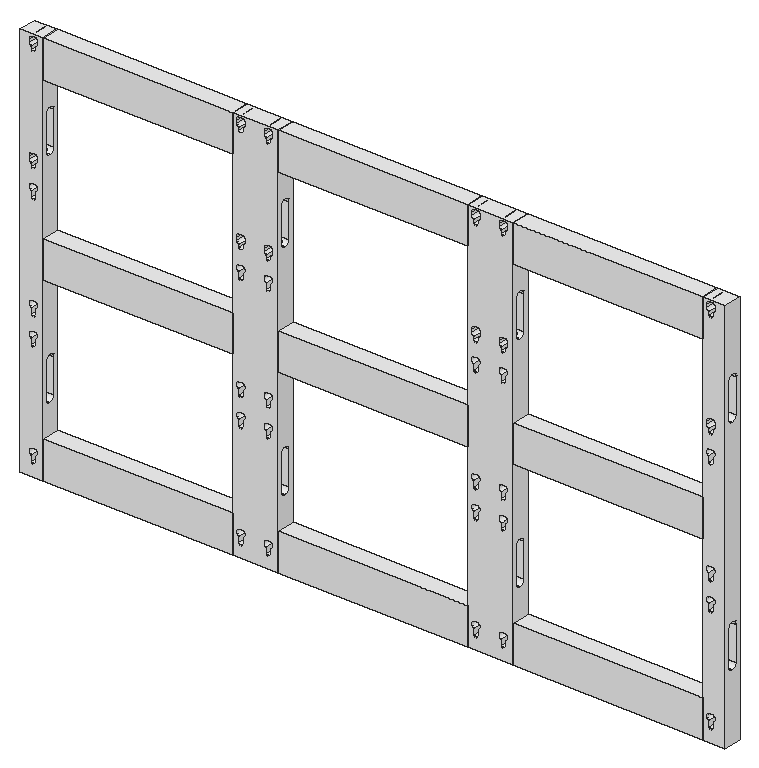
Revit family "DAK-NPN-COB-X600-3x3-Speed Frame_R23", category Generic Models, Revit 2023
Family settings
  Can host rebar = No
  Round Connector Dimension = Use Diameter
  Part Type = Normal
  Work Plane-Based = No
  Always vertical = Yes
  Cut with Voids When Loaded = No
  Maintain Annotation Orientation = No
  Shared = No
  Room Calculation Point = No
Parameters
  Default Elevation = 0' - 0"
Reference planes (in)
  plane 1 "Center (Front/Back)": y = 0
  plane 2: z = 0
  plane 3 "Center (Left/Right)": x = 0
Forms (in)
  Extrusion 1, solid, material "Aluminum"
    sketch origin (0, 0, 0) x (1, 0, 0) y (0, 0, 1)
      loop
        line (21.34252, 39.8622) -> (21.34252, 0) -> (25.90945, 0) -> (25.90945, 39.8622) -> (21.34252, 39.8622)
      loop
        line (44.96457, 0) -> (49.5315, 0) -> (49.5315, 39.8622) -> (44.96457, 39.8622) -> (44.96457, 0)
      loop
        line (70.86614, 39.8622) -> (68.6063, 39.8622) -> (68.6063, 0) -> (70.86614, 0) -> (70.86614, 39.8622)
      loop
        line (0, 0) -> (2.26772, 0) -> (2.26772, 39.8622) -> (0, 39.8622) -> (0, 0)
    from 0 to 1.83071
  Extrusion 2, void
    sketch origin (0, 0, 0) x (1, 0, 0) y (0, 0, 1)
      loop
        arc (1.60839, 12.45804) -> (1.80983, 12.87942) -> (1.44439, 13.17028) r 0.375
        line (1.44439, 13.17028) -> (1.31939, 13.17028)
        arc (1.31939, 13.17028) -> (0.95395, 12.87942) -> (1.15539, 12.45804) r 0.375
        line (1.15539, 12.45804) -> (1.15539, 11.92913)
        arc (1.15539, 11.92913) -> (1.20343, 11.81317) -> (1.31939, 11.76514) r 0.164
        line (1.31939, 11.76514) -> (1.44439, 11.76514)
        arc (1.44439, 11.76514) -> (1.56035, 11.81317) -> (1.60839, 11.92913) r 0.164
        line (1.60839, 11.92913) -> (1.60839, 12.45804)
      loop
        arc (1.60839, 15.21394) -> (1.80983, 15.63532) -> (1.44439, 15.92618) r 0.375
        line (1.44439, 15.92618) -> (1.31939, 15.92618)
        arc (1.31939, 15.92618) -> (0.95395, 15.63532) -> (1.15539, 15.21394) r 0.375
        line (1.15539, 15.21394) -> (1.15539, 14.68504)
        arc (1.15539, 14.68504) -> (1.20343, 14.56908) -> (1.31939, 14.52104) r 0.164
        line (1.31939, 14.52104) -> (1.44439, 14.52104)
        arc (1.44439, 14.52104) -> (1.56035, 14.56908) -> (1.60839, 14.68504) r 0.164
        line (1.60839, 14.68504) -> (1.60839, 15.21394)
      loop
        arc (25.23044, 12.45804) -> (25.43187, 12.87942) -> (25.06644, 13.17028) r 0.375
        line (25.06644, 13.17028) -> (24.94144, 13.17028)
        arc (24.94144, 13.17028) -> (24.576, 12.87942) -> (24.77744, 12.45804) r 0.375
        line (24.77744, 12.45804) -> (24.77744, 11.92913)
        arc (24.77744, 11.92913) -> (24.82547, 11.81317) -> (24.94144, 11.76513) r 0.164
        line (24.94144, 11.76513) -> (25.06644, 11.76513)
        arc (25.06644, 11.76513) -> (25.1824, 11.81317) -> (25.23044, 11.92913) r 0.164
        line (25.23044, 11.92913) -> (25.23044, 12.45804)
      loop
        arc (22.47453, 12.45804) -> (22.67597, 12.87942) -> (22.31053, 13.17028) r 0.375
        line (22.31053, 13.17028) -> (22.18553, 13.17028)
        arc (22.18553, 13.17028) -> (21.82009, 12.87942) -> (22.02153, 12.45804) r 0.375
        line (22.02153, 12.45804) -> (22.02153, 11.92913)
        arc (22.02153, 11.92913) -> (22.06957, 11.81317) -> (22.18553, 11.76513) r 0.164
        line (22.18553, 11.76513) -> (22.31053, 11.76513)
        arc (22.31053, 11.76513) -> (22.4265, 11.81317) -> (22.47453, 11.92913) r 0.164
        line (22.47453, 11.92913) -> (22.47453, 12.45804)
      loop
        arc (24.94144, 15.92618) -> (24.576, 15.63533) -> (24.77744, 15.21394) r 0.375
        line (24.77744, 15.21394) -> (24.77744, 14.68504)
        arc (24.77744, 14.68504) -> (24.82547, 14.56907) -> (24.94144, 14.52104) r 0.164
        line (24.94144, 14.52104) -> (25.06644, 14.52104)
        arc (25.06644, 14.52104) -> (25.1824, 14.56907) -> (25.23044, 14.68504) r 0.164
        line (25.23044, 14.68504) -> (25.23044, 15.21394)
        arc (25.23044, 15.21394) -> (25.43187, 15.63533) -> (25.06644, 15.92618) r 0.375
        line (25.06644, 15.92618) -> (24.94144, 15.92618)
      loop
        arc (22.47453, 15.21394) -> (22.67597, 15.63533) -> (22.31053, 15.92618) r 0.375
        line (22.31053, 15.92618) -> (22.18553, 15.92618)
        arc (22.18553, 15.92618) -> (21.82009, 15.63533) -> (22.02153, 15.21394) r 0.375
        line (22.02153, 15.21394) -> (22.02153, 14.68504)
        arc (22.02153, 14.68504) -> (22.06957, 14.56907) -> (22.18553, 14.52104) r 0.164
        line (22.18553, 14.52104) -> (22.31053, 14.52104)
        arc (22.31053, 14.52104) -> (22.4265, 14.56907) -> (22.47453, 14.68504) r 0.164
        line (22.47453, 14.68504) -> (22.47453, 15.21394)
      loop
        arc (1.60839, 25.74544) -> (1.80983, 26.16682) -> (1.44439, 26.45768) r 0.375
        line (1.44439, 26.45768) -> (1.31939, 26.45768)
        arc (1.31939, 26.45768) -> (0.95395, 26.16682) -> (1.15539, 25.74544) r 0.375
        line (1.15539, 25.74544) -> (1.15539, 25.21654)
        arc (1.15539, 25.21654) -> (1.20343, 25.10057) -> (1.31939, 25.05254) r 0.164
        line (1.31939, 25.05254) -> (1.44439, 25.05254)
        arc (1.44439, 25.05254) -> (1.56035, 25.10057) -> (1.60839, 25.21654) r 0.164
        line (1.60839, 25.21654) -> (1.60839, 25.74544)
      loop
        arc (0.94441, 28.56299) -> (1.0015, 28.3641) -> (1.15539, 28.22576) r 0.375
        line (1.15539, 28.22576) -> (1.15539, 27.97244)
        arc (1.15539, 27.97244) -> (1.20343, 27.85648) -> (1.31939, 27.80844) r 0.164
        line (1.31939, 27.80844) -> (1.44439, 27.80844)
        arc (1.44439, 27.80844) -> (1.56035, 27.85648) -> (1.60839, 27.97244) r 0.164
        line (1.60839, 27.97244) -> (1.60839, 28.22572)
        arc (1.60839, 28.22572) -> (1.76233, 28.36406) -> (1.81945, 28.56299) r 0.375
        line (1.81945, 28.56299) -> (1.81945, 28.83858)
        arc (1.81945, 28.83858) -> (1.70961, 29.10375) -> (1.44445, 29.21358) r 0.375
        line (1.44445, 29.21358) -> (1.31941, 29.21358)
        arc (1.31941, 29.21358) -> (1.05424, 29.10375) -> (0.94441, 28.83858) r 0.375
        line (0.94441, 28.83858) -> (0.94441, 28.56299)
      loop
        arc (25.23044, 25.74544) -> (25.43187, 26.16682) -> (25.06644, 26.45768) r 0.375
        line (25.06644, 26.45768) -> (24.94144, 26.45768)
        arc (24.94144, 26.45768) -> (24.576, 26.16682) -> (24.77744, 25.74544) r 0.375
        line (24.77744, 25.74544) -> (24.77744, 25.21654)
        arc (24.77744, 25.21654) -> (24.82547, 25.10057) -> (24.94144, 25.05254) r 0.164
        line (24.94144, 25.05254) -> (25.06644, 25.05254)
        arc (25.06644, 25.05254) -> (25.1824, 25.10057) -> (25.23044, 25.21654) r 0.164
        line (25.23044, 25.21654) -> (25.23044, 25.74544)
      loop
        arc (22.47453, 25.74544) -> (22.67597, 26.16682) -> (22.31053, 26.45768) r 0.375
        line (22.31053, 26.45768) -> (22.18553, 26.45768)
        arc (22.18553, 26.45768) -> (21.82009, 26.16682) -> (22.02153, 25.74544) r 0.375
        line (22.02153, 25.74544) -> (22.02153, 25.21654)
        arc (22.02153, 25.21654) -> (22.06957, 25.10057) -> (22.18553, 25.05254) r 0.164
        line (22.18553, 25.05254) -> (22.31053, 25.05254)
        arc (22.31053, 25.05254) -> (22.4265, 25.10057) -> (22.47453, 25.21654) r 0.164
        line (22.47453, 25.21654) -> (22.47453, 25.74544)
      loop
        arc (22.68553, 28.83858) -> (22.5757, 29.10375) -> (22.31053, 29.21358) r 0.375
        line (22.31053, 29.21358) -> (22.18549, 29.21358)
        arc (22.18549, 29.21358) -> (21.92033, 29.10375) -> (21.81049, 28.83858) r 0.375
        line (21.81049, 28.83858) -> (21.81049, 28.56299)
        arc (21.81049, 28.56299) -> (21.8676, 28.36407) -> (22.02153, 28.22574) r 0.375
        line (22.02153, 28.22574) -> (22.02153, 27.97244)
        arc (22.02153, 27.97244) -> (22.06957, 27.85648) -> (22.18553, 27.80844) r 0.164
        line (22.18553, 27.80844) -> (22.31053, 27.80844)
        arc (22.31053, 27.80844) -> (22.4265, 27.85648) -> (22.47453, 27.97244) r 0.164
        line (22.47453, 27.97244) -> (22.47453, 28.22575)
        arc (22.47453, 28.22575) -> (22.62843, 28.36409) -> (22.68553, 28.56299) r 0.375
        line (22.68553, 28.56299) -> (22.68553, 28.83858)
      loop
        arc (24.56644, 28.56299) -> (24.62353, 28.36409) -> (24.77744, 28.22575) r 0.375
        line (24.77744, 28.22575) -> (24.77744, 27.97244)
        arc (24.77744, 27.97244) -> (24.82547, 27.85648) -> (24.94144, 27.80844) r 0.164
        line (24.94144, 27.80844) -> (25.06644, 27.80844)
        arc (25.06644, 27.80844) -> (25.1824, 27.85648) -> (25.23044, 27.97244) r 0.164
        line (25.23044, 27.97244) -> (25.23044, 28.22574)
        arc (25.23044, 28.22574) -> (25.38437, 28.36407) -> (25.44148, 28.56299) r 0.375
        line (25.44148, 28.56299) -> (25.44148, 28.83858)
        arc (25.44148, 28.83858) -> (25.33164, 29.10375) -> (25.06648, 29.21358) r 0.375
        line (25.06648, 29.21358) -> (24.94144, 29.21358)
        arc (24.94144, 29.21358) -> (24.67627, 29.10375) -> (24.56644, 28.83858) r 0.375
        line (24.56644, 28.83858) -> (24.56644, 28.56299)
      loop
        arc (48.85248, 12.45804) -> (49.05392, 12.87942) -> (48.68848, 13.17028) r 0.375
        line (48.68848, 13.17028) -> (48.56348, 13.17028)
        arc (48.56348, 13.17028) -> (48.19805, 12.87942) -> (48.39948, 12.45804) r 0.375
        line (48.39948, 12.45804) -> (48.39948, 11.92913)
        arc (48.39948, 11.92913) -> (48.44752, 11.81317) -> (48.56348, 11.76513) r 0.164
        line (48.56348, 11.76513) -> (48.68848, 11.76513)
        arc (48.68848, 11.76513) -> (48.80445, 11.81317) -> (48.85248, 11.92913) r 0.164
        line (48.85248, 11.92913) -> (48.85248, 12.45804)
      loop
        arc (46.09658, 12.45804) -> (46.29802, 12.87942) -> (45.93258, 13.17028) r 0.375
        line (45.93258, 13.17028) -> (45.80758, 13.17028)
        arc (45.80758, 13.17028) -> (45.44214, 12.87942) -> (45.64358, 12.45804) r 0.375
        line (45.64358, 12.45804) -> (45.64358, 11.92913)
        arc (45.64358, 11.92913) -> (45.69161, 11.81317) -> (45.80758, 11.76513) r 0.164
        line (45.80758, 11.76513) -> (45.93258, 11.76513)
        arc (45.93258, 11.76513) -> (46.04854, 11.81317) -> (46.09658, 11.92913) r 0.164
        line (46.09658, 11.92913) -> (46.09658, 12.45804)
      loop
        arc (48.56348, 15.92618) -> (48.19805, 15.63533) -> (48.39948, 15.21394) r 0.375
        line (48.39948, 15.21394) -> (48.39948, 14.68504)
        arc (48.39948, 14.68504) -> (48.44752, 14.56907) -> (48.56348, 14.52104) r 0.164
        line (48.56348, 14.52104) -> (48.68848, 14.52104)
        arc (48.68848, 14.52104) -> (48.80445, 14.56907) -> (48.85248, 14.68504) r 0.164
        line (48.85248, 14.68504) -> (48.85248, 15.21394)
        arc (48.85248, 15.21394) -> (49.05392, 15.63533) -> (48.68848, 15.92618) r 0.375
        line (48.68848, 15.92618) -> (48.56348, 15.92618)
      loop
        arc (46.09658, 15.21394) -> (46.29802, 15.63533) -> (45.93258, 15.92618) r 0.375
        line (45.93258, 15.92618) -> (45.80758, 15.92618)
        arc (45.80758, 15.92618) -> (45.44214, 15.63533) -> (45.64358, 15.21394) r 0.375
        line (45.64358, 15.21394) -> (45.64358, 14.68504)
        arc (45.64358, 14.68504) -> (45.69161, 14.56907) -> (45.80758, 14.52104) r 0.164
        line (45.80758, 14.52104) -> (45.93258, 14.52104)
        arc (45.93258, 14.52104) -> (46.04854, 14.56907) -> (46.09658, 14.68504) r 0.164
        line (46.09658, 14.68504) -> (46.09658, 15.21394)
      loop
        arc (69.71862, 12.45804) -> (69.92006, 12.87942) -> (69.55463, 13.17028) r 0.375
        line (69.55463, 13.17028) -> (69.42963, 13.17028)
        arc (69.42963, 13.17028) -> (69.06419, 12.87942) -> (69.26563, 12.45804) r 0.375
        line (69.26563, 12.45804) -> (69.26563, 11.92913)
        arc (69.26563, 11.92913) -> (69.31366, 11.81317) -> (69.42963, 11.76514) r 0.164
        line (69.42963, 11.76514) -> (69.55463, 11.76514)
        arc (69.55463, 11.76514) -> (69.67059, 11.81317) -> (69.71862, 11.92913) r 0.164
        line (69.71862, 11.92913) -> (69.71862, 12.45804)
      loop
        arc (69.71862, 15.21394) -> (69.92006, 15.63532) -> (69.55463, 15.92618) r 0.375
        line (69.55463, 15.92618) -> (69.42963, 15.92618)
        arc (69.42963, 15.92618) -> (69.06419, 15.63532) -> (69.26563, 15.21394) r 0.375
        line (69.26563, 15.21394) -> (69.26563, 14.68504)
        arc (69.26563, 14.68504) -> (69.31366, 14.56908) -> (69.42963, 14.52104) r 0.164
        line (69.42963, 14.52104) -> (69.55463, 14.52104)
        arc (69.55463, 14.52104) -> (69.67059, 14.56908) -> (69.71862, 14.68504) r 0.164
        line (69.71862, 14.68504) -> (69.71862, 15.21394)
      loop
        arc (48.85248, 25.74544) -> (49.05392, 26.16682) -> (48.68848, 26.45768) r 0.375
        line (48.68848, 26.45768) -> (48.56348, 26.45768)
        arc (48.56348, 26.45768) -> (48.19805, 26.16682) -> (48.39948, 25.74544) r 0.375
        line (48.39948, 25.74544) -> (48.39948, 25.21654)
        arc (48.39948, 25.21654) -> (48.44752, 25.10057) -> (48.56348, 25.05254) r 0.164
        line (48.56348, 25.05254) -> (48.68848, 25.05254)
        arc (48.68848, 25.05254) -> (48.80445, 25.10057) -> (48.85248, 25.21654) r 0.164
        line (48.85248, 25.21654) -> (48.85248, 25.74544)
      loop
        arc (46.09658, 25.74544) -> (46.29802, 26.16682) -> (45.93258, 26.45768) r 0.375
        line (45.93258, 26.45768) -> (45.80758, 26.45768)
        arc (45.80758, 26.45768) -> (45.44214, 26.16682) -> (45.64358, 25.74544) r 0.375
        line (45.64358, 25.74544) -> (45.64358, 25.21654)
        arc (45.64358, 25.21654) -> (45.69161, 25.10057) -> (45.80758, 25.05254) r 0.164
        line (45.80758, 25.05254) -> (45.93258, 25.05254)
        arc (45.93258, 25.05254) -> (46.04854, 25.10057) -> (46.09658, 25.21654) r 0.164
        line (46.09658, 25.21654) -> (46.09658, 25.74544)
      loop
        arc (46.30758, 28.83858) -> (46.19774, 29.10375) -> (45.93258, 29.21358) r 0.375
        line (45.93258, 29.21358) -> (45.80754, 29.21358)
        arc (45.80754, 29.21358) -> (45.54237, 29.10375) -> (45.43254, 28.83858) r 0.375
        line (45.43254, 28.83858) -> (45.43254, 28.56299)
        arc (45.43254, 28.56299) -> (45.48965, 28.36407) -> (45.64358, 28.22574) r 0.375
        line (45.64358, 28.22574) -> (45.64358, 27.97244)
        arc (45.64358, 27.97244) -> (45.69161, 27.85648) -> (45.80758, 27.80844) r 0.164
        line (45.80758, 27.80844) -> (45.93258, 27.80844)
        arc (45.93258, 27.80844) -> (46.04854, 27.85648) -> (46.09658, 27.97244) r 0.164
        line (46.09658, 27.97244) -> (46.09658, 28.22575)
        arc (46.09658, 28.22575) -> (46.25048, 28.36409) -> (46.30758, 28.56299) r 0.375
        line (46.30758, 28.56299) -> (46.30758, 28.83858)
      loop
        arc (48.18848, 28.56299) -> (48.24558, 28.36409) -> (48.39948, 28.22575) r 0.375
        line (48.39948, 28.22575) -> (48.39948, 27.97244)
        arc (48.39948, 27.97244) -> (48.44752, 27.85648) -> (48.56348, 27.80844) r 0.164
        line (48.56348, 27.80844) -> (48.68848, 27.80844)
        arc (48.68848, 27.80844) -> (48.80445, 27.85648) -> (48.85248, 27.97244) r 0.164
        line (48.85248, 27.97244) -> (48.85248, 28.22574)
        arc (48.85248, 28.22574) -> (49.00642, 28.36407) -> (49.06352, 28.56299) r 0.375
        line (49.06352, 28.56299) -> (49.06352, 28.83858)
        arc (49.06352, 28.83858) -> (48.95369, 29.10375) -> (48.68852, 29.21358) r 0.375
        line (48.68852, 29.21358) -> (48.56348, 29.21358)
        arc (48.56348, 29.21358) -> (48.29832, 29.10375) -> (48.18848, 28.83858) r 0.375
        line (48.18848, 28.83858) -> (48.18848, 28.56299)
      loop
        arc (69.71862, 25.74544) -> (69.92006, 26.16682) -> (69.55463, 26.45768) r 0.375
        line (69.55463, 26.45768) -> (69.42963, 26.45768)
        arc (69.42963, 26.45768) -> (69.06419, 26.16682) -> (69.26563, 25.74544) r 0.375
        line (69.26563, 25.74544) -> (69.26563, 25.21654)
        arc (69.26563, 25.21654) -> (69.31366, 25.10057) -> (69.42963, 25.05254) r 0.164
        line (69.42963, 25.05254) -> (69.55463, 25.05254)
        arc (69.55463, 25.05254) -> (69.67059, 25.10057) -> (69.71862, 25.21654) r 0.164
        line (69.71862, 25.21654) -> (69.71862, 25.74544)
      loop
        arc (69.05457, 28.56299) -> (69.11168, 28.36406) -> (69.26563, 28.22572) r 0.375
        line (69.26563, 28.22572) -> (69.26563, 27.97244)
        arc (69.26563, 27.97244) -> (69.31366, 27.85648) -> (69.42963, 27.80844) r 0.164
        line (69.42963, 27.80844) -> (69.55463, 27.80844)
        arc (69.55463, 27.80844) -> (69.67059, 27.85648) -> (69.71862, 27.97244) r 0.164
        line (69.71862, 27.97244) -> (69.71862, 28.22576)
        arc (69.71862, 28.22576) -> (69.87251, 28.3641) -> (69.92961, 28.56299) r 0.375
        line (69.92961, 28.56299) -> (69.92961, 28.83858)
        arc (69.92961, 28.83858) -> (69.81977, 29.10375) -> (69.55461, 29.21358) r 0.375
        line (69.55461, 29.21358) -> (69.42957, 29.21358)
        arc (69.42957, 29.21358) -> (69.1644, 29.10375) -> (69.05457, 28.83858) r 0.375
        line (69.05457, 28.83858) -> (69.05457, 28.56299)
      loop
        arc (1.15539, 1.39764) -> (1.20343, 1.28168) -> (1.31939, 1.23364) r 0.164
        line (1.31939, 1.23364) -> (1.44439, 1.23364)
        arc (1.44439, 1.23364) -> (1.56035, 1.28168) -> (1.60839, 1.39764) r 0.164
        line (1.60839, 1.39764) -> (1.60839, 1.92654)
        arc (1.60839, 1.92654) -> (1.80983, 2.34792) -> (1.44439, 2.63878) r 0.375
        line (1.44439, 2.63878) -> (1.31939, 2.63878)
        arc (1.31939, 2.63878) -> (0.95395, 2.34792) -> (1.15539, 1.92654) r 0.375
        line (1.15539, 1.92654) -> (1.15539, 1.39764)
      loop
        arc (48.68848, 1.23364) -> (48.80445, 1.28167) -> (48.85248, 1.39764) r 0.164
        line (48.85248, 1.39764) -> (48.85248, 1.92654)
        arc (48.85248, 1.92654) -> (49.05392, 2.34793) -> (48.68848, 2.63878) r 0.375
        line (48.68848, 2.63878) -> (48.56348, 2.63878)
        arc (48.56348, 2.63878) -> (48.19805, 2.34793) -> (48.39948, 1.92654) r 0.375
        line (48.39948, 1.92654) -> (48.39948, 1.39764)
        arc (48.39948, 1.39764) -> (48.44752, 1.28167) -> (48.56348, 1.23364) r 0.164
        line (48.56348, 1.23364) -> (48.68848, 1.23364)
      loop
        arc (45.93258, 1.23364) -> (46.04854, 1.28167) -> (46.09658, 1.39764) r 0.164
        line (46.09658, 1.39764) -> (46.09658, 1.92654)
        arc (46.09658, 1.92654) -> (46.29802, 2.34793) -> (45.93258, 2.63878) r 0.375
        line (45.93258, 2.63878) -> (45.80758, 2.63878)
        arc (45.80758, 2.63878) -> (45.44214, 2.34793) -> (45.64358, 1.92654) r 0.375
        line (45.64358, 1.92654) -> (45.64358, 1.39764)
        arc (45.64358, 1.39764) -> (45.69161, 1.28167) -> (45.80758, 1.23364) r 0.164
        line (45.80758, 1.23364) -> (45.93258, 1.23364)
      loop
        arc (25.06644, 1.23364) -> (25.1824, 1.28167) -> (25.23044, 1.39764) r 0.164
        line (25.23044, 1.39764) -> (25.23044, 1.92654)
        arc (25.23044, 1.92654) -> (25.43187, 2.34793) -> (25.06644, 2.63878) r 0.375
        line (25.06644, 2.63878) -> (24.94144, 2.63878)
        arc (24.94144, 2.63878) -> (24.576, 2.34793) -> (24.77744, 1.92654) r 0.375
        line (24.77744, 1.92654) -> (24.77744, 1.39764)
        arc (24.77744, 1.39764) -> (24.82547, 1.28167) -> (24.94144, 1.23364) r 0.164
        line (24.94144, 1.23364) -> (25.06644, 1.23364)
      loop
        arc (22.31053, 1.23364) -> (22.4265, 1.28167) -> (22.47453, 1.39764) r 0.164
        line (22.47453, 1.39764) -> (22.47453, 1.92654)
        arc (22.47453, 1.92654) -> (22.67597, 2.34793) -> (22.31053, 2.63878) r 0.375
        line (22.31053, 2.63878) -> (22.18553, 2.63878)
        arc (22.18553, 2.63878) -> (21.82009, 2.34793) -> (22.02153, 1.92654) r 0.375
        line (22.02153, 1.92654) -> (22.02153, 1.39764)
        arc (22.02153, 1.39764) -> (22.06957, 1.28167) -> (22.18553, 1.23364) r 0.164
        line (22.18553, 1.23364) -> (22.31053, 1.23364)
      loop
        arc (69.55463, 1.23364) -> (69.67059, 1.28168) -> (69.71862, 1.39764) r 0.164
        line (69.71862, 1.39764) -> (69.71862, 1.92654)
        arc (69.71862, 1.92654) -> (69.92006, 2.34792) -> (69.55463, 2.63878) r 0.375
        line (69.55463, 2.63878) -> (69.42963, 2.63878)
        arc (69.42963, 2.63878) -> (69.06419, 2.34792) -> (69.26563, 1.92654) r 0.375
        line (69.26563, 1.92654) -> (69.26563, 1.39764)
        arc (69.26563, 1.39764) -> (69.31366, 1.28168) -> (69.42963, 1.23364) r 0.164
        line (69.42963, 1.23364) -> (69.55463, 1.23364)
      loop
        arc (0.94441, 39.09449) -> (1.0015, 38.89559) -> (1.15539, 38.75726) r 0.375
        line (1.15539, 38.75726) -> (1.15539, 38.50394)
        arc (1.15539, 38.50394) -> (1.20343, 38.38797) -> (1.31939, 38.33994) r 0.164
        line (1.31939, 38.33994) -> (1.44439, 38.33994)
        arc (1.44439, 38.33994) -> (1.56035, 38.38797) -> (1.60839, 38.50394) r 0.164
        line (1.60839, 38.50394) -> (1.60839, 38.75722)
        arc (1.60839, 38.75722) -> (1.76233, 38.89556) -> (1.81945, 39.09449) r 0.375
        line (1.81945, 39.09449) -> (1.81945, 39.37008)
        arc (1.81945, 39.37008) -> (1.70961, 39.63524) -> (1.44445, 39.74508) r 0.375
        line (1.44445, 39.74508) -> (1.31941, 39.74508)
        arc (1.31941, 39.74508) -> (1.05424, 39.63524) -> (0.94441, 39.37008) r 0.375
        line (0.94441, 39.37008) -> (0.94441, 39.09449)
      loop
        arc (22.68553, 39.37008) -> (22.5757, 39.63524) -> (22.31053, 39.74508) r 0.375
        line (22.31053, 39.74508) -> (22.18549, 39.74508)
        arc (22.18549, 39.74508) -> (21.92033, 39.63524) -> (21.81049, 39.37008) r 0.375
        line (21.81049, 39.37008) -> (21.81049, 39.09449)
        arc (21.81049, 39.09449) -> (21.8676, 38.89557) -> (22.02153, 38.75723) r 0.375
        line (22.02153, 38.75723) -> (22.02153, 38.50394)
        arc (22.02153, 38.50394) -> (22.06957, 38.38797) -> (22.18553, 38.33994) r 0.164
        line (22.18553, 38.33994) -> (22.31053, 38.33994)
        arc (22.31053, 38.33994) -> (22.4265, 38.38797) -> (22.47453, 38.50394) r 0.164
        line (22.47453, 38.50394) -> (22.47453, 38.75725)
        arc (22.47453, 38.75725) -> (22.62843, 38.89558) -> (22.68553, 39.09449) r 0.375
        line (22.68553, 39.09449) -> (22.68553, 39.37008)
      loop
        arc (24.56644, 39.09449) -> (24.62353, 38.89558) -> (24.77744, 38.75725) r 0.375
        line (24.77744, 38.75725) -> (24.77744, 38.50394)
        arc (24.77744, 38.50394) -> (24.82547, 38.38797) -> (24.94144, 38.33994) r 0.164
        line (24.94144, 38.33994) -> (25.06644, 38.33994)
        arc (25.06644, 38.33994) -> (25.1824, 38.38797) -> (25.23044, 38.50394) r 0.164
        line (25.23044, 38.50394) -> (25.23044, 38.75723)
        arc (25.23044, 38.75723) -> (25.38437, 38.89557) -> (25.44148, 39.09449) r 0.375
        line (25.44148, 39.09449) -> (25.44148, 39.37008)
        arc (25.44148, 39.37008) -> (25.33164, 39.63524) -> (25.06648, 39.74508) r 0.375
        line (25.06648, 39.74508) -> (24.94144, 39.74508)
        arc (24.94144, 39.74508) -> (24.67627, 39.63524) -> (24.56644, 39.37008) r 0.375
        line (24.56644, 39.37008) -> (24.56644, 39.09449)
      loop
        arc (46.30758, 39.37008) -> (46.19774, 39.63524) -> (45.93258, 39.74508) r 0.375
        line (45.93258, 39.74508) -> (45.80754, 39.74508)
        arc (45.80754, 39.74508) -> (45.54237, 39.63524) -> (45.43254, 39.37008) r 0.375
        line (45.43254, 39.37008) -> (45.43254, 39.09449)
        arc (45.43254, 39.09449) -> (45.48965, 38.89557) -> (45.64358, 38.75723) r 0.375
        line (45.64358, 38.75723) -> (45.64358, 38.50394)
        arc (45.64358, 38.50394) -> (45.69161, 38.38797) -> (45.80758, 38.33994) r 0.164
        line (45.80758, 38.33994) -> (45.93258, 38.33994)
        arc (45.93258, 38.33994) -> (46.04854, 38.38797) -> (46.09658, 38.50394) r 0.164
        line (46.09658, 38.50394) -> (46.09658, 38.75725)
        arc (46.09658, 38.75725) -> (46.25048, 38.89558) -> (46.30758, 39.09449) r 0.375
        line (46.30758, 39.09449) -> (46.30758, 39.37008)
      loop
        arc (48.18848, 39.09449) -> (48.24558, 38.89558) -> (48.39948, 38.75725) r 0.375
        line (48.39948, 38.75725) -> (48.39948, 38.50394)
        arc (48.39948, 38.50394) -> (48.44752, 38.38797) -> (48.56348, 38.33994) r 0.164
        line (48.56348, 38.33994) -> (48.68848, 38.33994)
        arc (48.68848, 38.33994) -> (48.80445, 38.38797) -> (48.85248, 38.50394) r 0.164
        line (48.85248, 38.50394) -> (48.85248, 38.75723)
        arc (48.85248, 38.75723) -> (49.00642, 38.89557) -> (49.06352, 39.09449) r 0.375
        line (49.06352, 39.09449) -> (49.06352, 39.37008)
        arc (49.06352, 39.37008) -> (48.95369, 39.63524) -> (48.68852, 39.74508) r 0.375
        line (48.68852, 39.74508) -> (48.56348, 39.74508)
        arc (48.56348, 39.74508) -> (48.29832, 39.63524) -> (48.18848, 39.37008) r 0.375
        line (48.18848, 39.37008) -> (48.18848, 39.09449)
      loop
        arc (69.05457, 39.09449) -> (69.11168, 38.89556) -> (69.26563, 38.75722) r 0.375
        line (69.26563, 38.75722) -> (69.26563, 38.50394)
        arc (69.26563, 38.50394) -> (69.31366, 38.38797) -> (69.42963, 38.33994) r 0.164
        line (69.42963, 38.33994) -> (69.55463, 38.33994)
        arc (69.55463, 38.33994) -> (69.67059, 38.38797) -> (69.71862, 38.50394) r 0.164
        line (69.71862, 38.50394) -> (69.71862, 38.75726)
        arc (69.71862, 38.75726) -> (69.87251, 38.89559) -> (69.92961, 39.09449) r 0.375
        line (69.92961, 39.09449) -> (69.92961, 39.37008)
        arc (69.92961, 39.37008) -> (69.81977, 39.63524) -> (69.55461, 39.74508) r 0.375
        line (69.55461, 39.74508) -> (69.42957, 39.74508)
        arc (69.42957, 39.74508) -> (69.1644, 39.63524) -> (69.05457, 39.37008) r 0.375
        line (69.05457, 39.37008) -> (69.05457, 39.09449)
    from 0 to 1.83071
  Extrusion 3, solid, material "Aluminum"
    sketch origin (0, 0, 0) x (1, 0, 0) y (0, 0, 1)
      loop
        line (21.34252, 36.12598) -> (21.34252, 39.8622) -> (2.26772, 39.8622) -> (2.26772, 36.12598) -> (21.34252, 36.12598)
      loop
        line (21.34252, 21.80906) -> (2.26772, 21.80906) -> (2.26772, 18.09252) -> (21.34252, 18.09252) -> (21.34252, 21.80906)
      loop
        line (21.34252, 3.77559) -> (2.26772, 3.77559) -> (2.26772, 0) -> (21.34252, 0) -> (21.34252, 3.77559)
      loop
        line (44.96457, 0) -> (44.96457, 3.77559) -> (25.90945, 3.77559) -> (25.90945, 0) -> (44.96457, 0)
      loop
        line (44.96457, 18.09252) -> (44.96457, 21.80906) -> (25.90945, 21.80906) -> (25.90945, 18.09252) -> (44.96457, 18.09252)
      loop
        line (44.96457, 39.8622) -> (25.90945, 39.8622) -> (25.90945, 36.12598) -> (44.96457, 36.12598) -> (44.96457, 39.8622)
      loop
        line (49.5315, 36.12598) -> (68.6063, 36.12598) -> (68.6063, 39.8622) -> (49.5315, 39.8622) -> (49.5315, 36.12598)
      loop
        line (68.6063, 21.80906) -> (49.5315, 21.80906) -> (49.5315, 18.09252) -> (68.6063, 18.09252) -> (68.6063, 21.80906)
      loop
        line (68.6063, 3.77559) -> (49.5315, 3.77559) -> (49.5315, 0) -> (68.6063, 0) -> (68.6063, 3.77559)
    from 0 to 1.83071
  Extrusion 4, void
    sketch origin (0, 0, 0) x (0, 1, 0) y (0, 0, 1)
      loop
        line (-0.39567, 7.10157) -> (-0.39567, 10.52677)
        arc (-0.39567, 10.52677) -> (-0.5282, 10.86583) -> (-0.85552, 11.02516) r 0.5
        arc (-0.85552, 11.02516) -> (-0.91535, 11.06959) -> (-0.97518, 11.02516) r 0.0625
        arc (-0.97518, 11.02516) -> (-1.30251, 10.86583) -> (-1.43504, 10.52677) r 0.5
        line (-1.43504, 10.52677) -> (-1.43504, 7.10157)
        arc (-1.43504, 7.10157) -> (-1.30251, 6.76251) -> (-0.97518, 6.60319) r 0.5
        arc (-0.97518, 6.60319) -> (-0.91535, 6.55876) -> (-0.85552, 6.60319) r 0.0625
        arc (-0.85552, 6.60319) -> (-0.5282, 6.76251) -> (-0.39567, 7.10157) r 0.5
      loop
        line (-0.39567, 29.4063) -> (-0.39567, 32.8315)
        arc (-0.39567, 32.8315) -> (-0.5282, 33.17056) -> (-0.85552, 33.32988) r 0.5
        arc (-0.85552, 33.32988) -> (-0.91535, 33.37431) -> (-0.97518, 33.32988) r 0.0625
        arc (-0.97518, 33.32988) -> (-1.30251, 33.17056) -> (-1.43504, 32.8315) r 0.5
        line (-1.43504, 32.8315) -> (-1.43504, 29.4063)
        arc (-1.43504, 29.4063) -> (-1.30251, 29.06724) -> (-0.97518, 28.90791) r 0.5
        arc (-0.97518, 28.90791) -> (-0.91535, 28.86348) -> (-0.85552, 28.90791) r 0.0625
        arc (-0.85552, 28.90791) -> (-0.5282, 29.06724) -> (-0.39567, 29.4063) r 0.5
    from 0 to 70.86614
Cuts and joins
  Extrusion 2, Extrusion 4 cuts Extrusion 1
Dimensions and locks (in)
  aligned and locked: plane 2 to level
